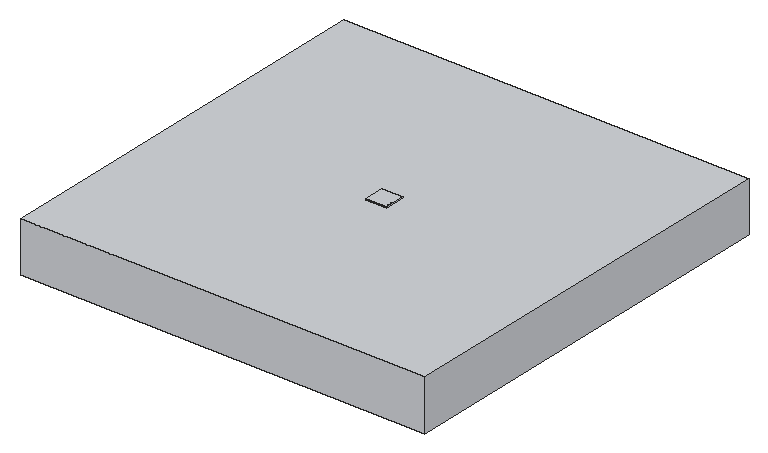
Revit family "M_Sirene do alarme de incêndio - Montado no forro", category Dispositivos de alarme de incêndio, Revit 2019
Family settings
  Hospedeiro = Face
  Manter orientação da anotação = Sim
  Cota do conector redondo = Utilizar diâmetro
  Tipo de parte = Normal
  Número OmniClass = 23.85.30.21.11.17
  Título OmniClass = Other Components
  ID de item do Seek = Fire Alarm Horn - Ceiling Mounted-0000-CAN-ENU
  Corte com vazios quando carregada = Não
  Compartilhado = Não
  Ponto de cálculo do ambiente = Não
Parameters (values of type "Padrão")
  Material = none
  Elevação-padrão = 1200 mm
Reference planes
  plane 1 "Centro (Frente/Trás)": y = 0
  plane 2: z = 0
  plane 3 "Centro (Esquerda/Direita)": x = 0
  plane 4: x = -63.5
  plane 5: x = 63.5
  plane 6: y = 63.5
  plane 7: y = -63.5
  plane 8: z = 4.762
  plane 9: z = -53.975
  plane 10: y = 50.8
  plane 11: y = -50.8
  plane 12: x = -50.8
  plane 13: x = 50.8
Forms (mm)
  Extrusion 1, solid
    sketch origin (0, 0, 0) x (1, 0, 0) y (0, 1, 0)
      loop
        line (-1219.2, 1219.2) -> (-1219.2, -1219.2) -> (1219.2, -1219.2) -> (1219.2, 1219.2) -> (-1219.2, 1219.2)
    from 0 to -304.8
  Extrusion 2, solid, material <- "Material"
    sketch origin (0, 0, 0) x (1, 0, 0) y (0, 1, 0)
      loop
        line (-63.5, 63.5) -> (-63.5, -63.5) -> (63.5, -63.5) -> (63.5, 63.5) -> (-63.5, 63.5)
    from 0 to 4.762
  Extrusion 3, solid, material <- "Material"
    sketch origin (0, 0, 0) x (1, 0, 0) y (0, 1, 0)
      loop
        line (-50.8, 50.8) -> (-50.8, -50.8) -> (50.8, -50.8) -> (50.8, 50.8) -> (-50.8, 50.8)
    from 0 to -53.975
Lines and regions (mm)
  symbolic lines, detail levels fine
    curve 1: line (63.5, 63.5, 0) -> (-63.5, 63.5, 0)
    curve 2: line (-63.5, 63.5, 0) -> (-63.5, -63.5, 0)
    curve 3: line (63.5, -63.5, 0) -> (63.5, 63.5, 0)
    curve 4: line (-63.5, -63.5, 0) -> (63.5, -63.5, 0)
Dimensions and locks
  equal spacing: plane 4, plane 3 "Centro (Esquerda/Direita)", plane 5
  equal spacing: plane 6, plane 1 "Centro (Frente/Trás)", plane 7
  locked: plane 4 to plane 5 at 127
  locked: plane 6 to plane 7 at 127
  locked: plane 8 to plane 2 at 4.762
  locked: plane 2 to plane 9 at 53.975
  equal spacing: plane 12, plane 3 "Centro (Esquerda/Direita)", plane 13
  equal spacing: plane 10, plane 1 "Centro (Frente/Trás)", plane 11
  locked: plane 10 to plane 11 at 101.6
  locked: plane 12 to plane 13 at 101.6
  aligned and locked: plane 2 to Extrusion 1
  aligned and locked: level to Extrusion 1
  aligned and locked: Extrusion 2 to plane 4
  aligned and locked: plane 5 to Extrusion 2
  aligned and locked: plane 6 to Extrusion 2
  aligned and locked: Extrusion 2 to plane 7
  aligned and locked: plane 8 to Extrusion 2
  aligned and locked: Extrusion 2 to plane 2
  aligned and locked: plane 2 to Extrusion 3
  aligned and locked: Extrusion 3 to plane 9
  aligned and locked: Extrusion 3 to plane 12
  aligned and locked: plane 13 to Extrusion 3
  aligned and locked: plane 10 to Extrusion 3
  aligned and locked: Extrusion 3 to plane 11
  aligned and locked: plane 1 "Centro (Frente/Trás)" to nested 1
  aligned and locked: nested 1 to plane 3 "Centro (Esquerda/Direita)"
  aligned and locked: curve 1 to Extrusion 2
  aligned and locked: curve 2 to Extrusion 2
  aligned and locked: curve 3 to Extrusion 2
  aligned and locked: curve 4 to Extrusion 2
Automatic sketch dimensions
  Extrusion 1 sketch curve to Extrusion 1 sketch curve = 2438.4 mm  (x2)
  plane 4 to Extrusion 2 sketch curve = 0 mm
  plane 3 "Centro (Esquerda/Direita)" to Extrusion 2 sketch curve = 63.5 mm
  plane 7 to Extrusion 2 sketch curve = 0 mm
  Extrusion 2 sketch curve to plane 1 "Centro (Frente/Trás)" = 63.5 mm
  Extrusion 3 sketch curve to plane 3 "Centro (Esquerda/Direita)" = 50.8 mm
  plane 3 "Centro (Esquerda/Direita)" to Extrusion 3 sketch curve = 50.8 mm
  plane 1 "Centro (Frente/Trás)" to Extrusion 3 sketch curve = 50.8 mm
  Extrusion 3 sketch curve to plane 6 = 12.7 mm
Nested families
  nested 1: "M_Anotação da sirene do alarme de incêndio" at (0, 0, 0), type "Anotação da sirene do alarme de incêndio", detail levels coarse+medium
Connectors
  electrical at (0, 50.8, -26.988)
    settings: on Extrusion 3, index 1, voltage 0 V, apparent load 0 VA, apparent load phase1 0 VA, apparent load phase2 0 VA, apparent load phase3 0 VA, power factor 1, load classification "Outros", number of poles 1, system type 11, power factor state 1, is connector primary yes, connector utility no, sub classification motor no, connector description ""
Definition of nested family "M_Anotação da sirene do alarme de incêndio"
  Parameters
    Anotação de legenda = "F"
  Reference planes
    plane 1: y = 0
    plane 2: x = 0
  Lines and regions (mm)
    reference lines
      curve 1: line (-3.175, 30.805, 0) -> (-3.175, -4.716, 0)
      curve 2: line (0, 36.254, 0) -> (0, -4.716, 0)
      curve 7: line (3.175, 6.294, 0) -> (3.175, -3.776, 0)
    detail lines
      curve 3: line (-3.175, 1.588, 0) -> (0, 1.588, 0)
      curve 4: line (-3.175, -1.587, 0) -> (-3.175, 1.588, 0)
      curve 5: line (0, -1.587, 0) -> (-3.175, -1.587, 0)
      curve 6: line (0, 1.588, 0) -> (0, -1.587, 0)
      curve 8: line (3.175, 1.588, 0) -> (3.175, -1.587, 0)
      curve 9: line (0, 0, 0) -> (3.175, 1.588, 0)
      curve 10: line (0, 0, 0) -> (3.175, -1.587, 0)
  Text (mm)
    label "F" at (-2.642, -0.068, 0), shows "Anotação de legenda"
  Dimensions and locks
    locked: curve 2 to curve 7 at 3.175
    locked: curve 1 to curve 2 at 3.175
    locked: curve 2 to plane 2 at 0
    equal spacing: curve 5, plane 1, curve 3
    locked: plane 1 to curve 3 at 1.588
    aligned and locked: curve 2 to curve 6
    aligned and locked: curve 4 to curve 1
    aligned and locked: curve 7 to curve 8
    aligned and locked: curve 7 to curve 9
    aligned and locked: curve 2 to curve 9
    aligned and locked: curve 7 to curve 10
    aligned and locked: curve 2 to curve 10
